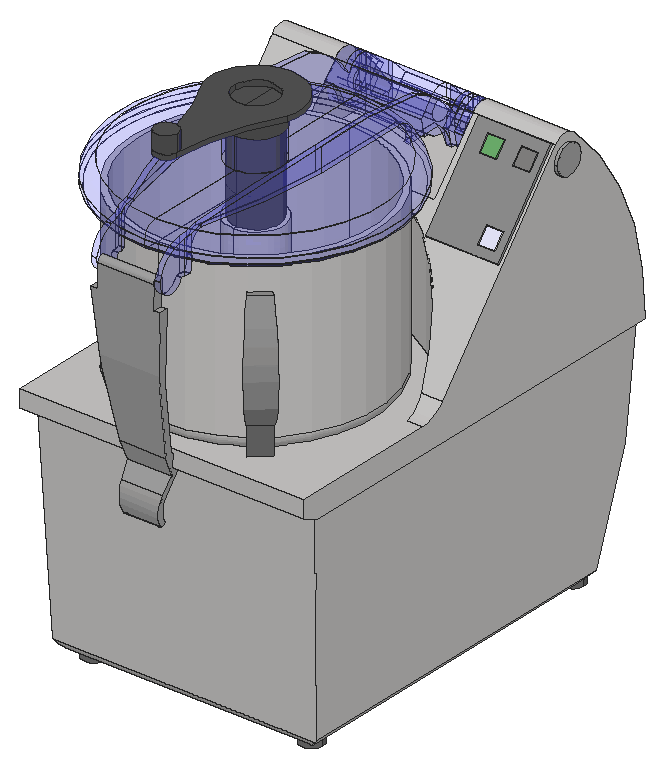
Revit family "QF_ELECTROLUXPROFESSIONAL_600500_K45Y1V", category Specialty Equipment, Revit 2018
Family settings
  Round Connector Dimension = Use Diameter
  Part Type = Normal
  Work Plane-Based = No
  Always vertical = Yes
  Cut with Voids When Loaded = No
  Shared = No
  Room Calculation Point = No
Parameters (values of type "Standard")
  Weight = 22.00 kg
  Watts = 0 W
  Volts = 220 V
  URL Manufacturer = "http://professional.electrolux.com"
  URL = "http://professional.electrolux.com"
  Steam Supply Size = 0 mm
  Steam Supply Minimum Pressure = 0.0 Pa
  Steam Supply Maximum Pressure = 0.0 Pa
  Steam Pounds per Hour = 0
  Refrigeration Suction Line Size = 0.0 mm
  Refrigeration Liquid Line Size = 0.0 mm
  Refrigerant Compressor Remote = yes
  Manufacturer = "Electrolux Professional"
  Phase = 1
  Model = "K45Y1V"
  Length Actual = 256.0 mm  # constant formula
  Item Number = "600500"
  Hot Water Size = 0 mm
  Height Actual = 482.0 mm  # constant formula
  HP = "1 HP"
  Gas Size = 0 mm
  Gas KW = 0
  Gas Input Pressure = 0 W
  Direct Waste Size = 0 mm
  Description = "CUTTER-MIXER 4.5L-MICROTOOTHED BLADE-1 SPEED-750W-230-240/1/50"
  Depth Actual = 415.0 mm  # constant formula
  Cycle = 50 Hz
  Condensate Return Size = 0 mm
  Compressed Air Volume = 0.0 L/s
  Compressed Air Size = 0 mm
  Compressed Air Pressure = 0.0 Pa
  Cold Water Size = 0 mm
  Accessory = yes
Reference planes
  plane 1 "Center (Front/Back)": y = 0
  plane 2: z = 0
  plane 3 "Center (Left/Right)": x = 0
  plane 4 "BASE": z = 6
  plane 5 "TOP": z = 685
  plane 6 "FRONT": y = -207.5
  plane 7 "BACK": y = 207.5
  plane 8 "LEFT": x = -128
  plane 9 "RIGHT": x = 128
  plane 10 "CenterX": x = -10
  plane 11 "Maniglia": through (-10, -59.177, 4000) normal (0.766, 0.6428, 0)
  plane 12 "Panel": through (4267.2, 107.252, 388.448) normal (0, 0.766, -0.6428)
  plane 13: z = 470
Forms (mm)
  Extrusion 1, solid, material "QF_Finishes_Stainless Steel"
    sketch origin (0, 0, 0) x (0, 1, 0) y (0, 0, 1)
      loop
        arc (155.897, 6) -> (160.37, 10.596) -> (163.359, 16.27) r 22.417
        arc (163.359, 16.27) -> (192.273, 107.896) -> (201.98, 203.483) r 470.678
        line (201.98, 203.483) -> (-161.42, 203.483)
        arc (-161.42, 203.483) -> (-159.547, 108.877) -> (-151.391, 14.604) r 1423.016
        arc (-151.391, 14.604) -> (-146.603, 8.365) -> (-139.103, 6) r 13.076
        line (-139.103, 6) -> (155.897, 6)
    from -128 to 128
  Extrusion 2, void
    sketch origin (0, -207.5, 0) x (-1, 0, 0) y (0, 0, 1)
      loop
        line (128, 203.483) -> (125, 203.483) -> (119.389, 16.27) -> (109.119, 6) -> (128, 6) -> (128, 203.483)
      loop
        line (-128, 203.483) -> (-128, 6) -> (-109.119, 6) -> (-119.389, 16.27) -> (-125, 203.483) -> (-128, 203.483)
    from 14.374 to 435.947
  Extrusion 3, solid, material "QF_Finishes_Stainless Steel"
    sketch origin (0, 0, 0) x (0, 1, 0) y (0, 0, 1)
      loop
        arc (207.5, 203.483) -> (187.745, 305.45) -> (127.203, 389.844) r 242.898
        arc (127.203, 389.844) -> (116.931, 393.38) -> (107.252, 388.448) r 13.902
        line (107.252, 388.448) -> (-20.106, 236.67)
        arc (-20.106, 236.67) -> (-30.264, 228.875) -> (-42.764, 226.104) r 29.578
        line (-42.764, 226.104) -> (-177.764, 226.104) -> (-177.764, 211.104) -> (-161.42, 203.483) -> (207.5, 203.483)
    from -128 to 128
  Extrusion 4, void
    sketch origin (0, -207.5, 0) x (-1, 0, 0) y (0, 0, 1)
      loop
        line (-53.607, 393.414) -> (-53.607, 336.684) -> (71.073, 336.684) -> (71.073, 393.414) -> (-53.607, 393.414)
    from 255.469 to 415
  Revolve 5, solid, material "QF_Plastic-Black"
    sketch origin (-10, 0, 0) x (0, -1, 0) y (0, 0, 1)
      loop
        line (59.177, 450.527) -> (28.516, 450.527) -> (35.424, 443.619) -> (35.424, 430.527) -> (38.194, 430.527) -> (38.194, 356.104) -> (59.177, 356.104) -> (59.177, 450.527)
      axis (59.177, 356.104) -> (59.177, 450.527)
    angle from 0 to 360
  Extrusion 6, solid, material "QF_Plastic-Black"
    sketch origin (0, 0, 0) x (1, 0, 0) y (0, 1, 0)
      loop
        arc (-48.167, -71.147) -> (-28.951, -114.517) -> (-19.956, -161.093) r 210.055
        arc (-19.956, -161.093) -> (-10, -170.155) -> (-0.044, -161.093) r 10
        arc (-0.044, -161.093) -> (8.951, -114.517) -> (28.167, -71.147) r 210.055
        arc (28.167, -71.147) -> (-10, -19.177) -> (-48.167, -71.147) r 40
    from 450.5 to 455
  Extrusion 7, solid, material "QF_Plastic-Black"
    sketch origin (0, 0, 0) x (1, 0, 0) y (0, 1, 0)
      loop
        circle (-10, -160.155) r 10
    from 455 to 470
  Extrusion 8, void
    sketch origin (0, 0, 0) x (1, 0, 0) y (0, 1, 0)
      loop
        circle (-10, -59.177) r 19
    from 427.6 to 472.8
  Extrusion 9, void
    sketch origin (0, 0, 0) x (1, 0, 0) y (0, 1, 0)
      loop
        arc (115, -59.177) -> (-10, 65.823) -> (-135, -59.177) r 125
        line (-135, -59.177) -> (115, -59.177)
    from 226.104 to 336.684
  Extrusion 10, void
    sketch origin (-20, 0, 0) x (-1, 0, 0) y (0, -1, 0)
      loop
        line (16.15, 177.864) -> (16.15, -123.86) -> (35.771, -123.86) -> (35.771, 48.192)
        arc (35.771, 48.192) -> (30.047, 105.502) -> (17.781, 161.776) r 500.876
        line (17.781, 161.776) -> (17.781, 171.776) -> (16.15, 177.864)
      loop
        line (40.771, -123.86) -> (45.852, -123.86) -> (45.852, 210.681) -> (21.15, 210.681) -> (21.15, 178.522) -> (22.781, 172.434) -> (22.781, 162.459)
        arc (22.781, 162.459) -> (35.047, 105.893) -> (40.771, 48.297) r 505.876
        line (40.771, 48.297) -> (40.771, -123.86)
    from 350.345 to 477.521
  Extrusion 11, solid, material "Glass"
    sketch origin (-20, 0, 0) x (0, 1, 0) y (0, 0, -1)
      loop
        line (-173.064, -369.647) -> (-181.303, -369.647)
        arc (-181.303, -369.647) -> (-196.341, -361.818) -> (-205.451, -376.117) r 12.548
        arc (-205.451, -376.117) -> (-199.87, -388.651) -> (-189.058, -397.099) r 28.357
        arc (-189.058, -397.099) -> (-65.868, -423.241) -> (59.99, -418.888) r 518.061
        arc (59.99, -418.888) -> (85.116, -404.522) -> (104.437, -382.973) r 90.696
        arc (104.437, -382.973) -> (113.885, -392.821) -> (127.203, -389.844) r 13.902
        arc (127.203, -389.844) -> (135.322, -382.188) -> (143.082, -374.167) r 242.898
        line (143.082, -374.167) -> (137.378, -368.464)
        arc (137.378, -368.464) -> (123.613, -353.84) -> (104.088, -358.543) r 20
        line (104.088, -358.543) -> (99.34, -358.543)
        arc (99.34, -358.543) -> (94.194, -371.609) -> (85.823, -382.884) r 53.446
        line (85.823, -382.884) -> (50.823, -382.884)
        arc (50.823, -382.884) -> (52.796, -383.701) -> (53.614, -385.674) r 2.79
        line (53.614, -385.674) -> (53.614, -390.892)
        arc (53.614, -390.892) -> (50.154, -399.244) -> (41.802, -402.703) r 11.812
        line (41.802, -402.703) -> (-160.307, -402.703)
        arc (-160.307, -402.703) -> (-168.659, -399.244) -> (-172.119, -390.892) r 11.812
        line (-172.119, -390.892) -> (-172.119, -385.826)
        arc (-172.119, -385.826) -> (-171.728, -384.361) -> (-170.659, -383.285) r 2.942
        line (-170.659, -383.285) -> (-173.064, -369.647)
      loop
        circle (117.901, -373.007) r 9.416
    from 16.15 to 45.852
  Extrusion 12, solid, material "Glass"
    sketch origin (0, 0, 0) x (0, 1, 0) y (0, 0, 1)
      loop
        line (137.378, 368.464) -> (143.082, 374.167)
        arc (143.082, 374.167) -> (135.322, 382.188) -> (127.203, 389.844) r 242.898
        arc (127.203, 389.844) -> (116.931, 393.38) -> (107.252, 388.448) r 13.902
        line (107.252, 388.448) -> (95.766, 374.76)
        arc (95.766, 374.76) -> (97.862, 366.72) -> (99.34, 358.543) r 108.872
        line (99.34, 358.543) -> (104.088, 358.543)
        arc (104.088, 358.543) -> (123.613, 353.84) -> (137.378, 368.464) r 20
      loop
        circle (117.901, 373.007) r 9.416
    from -71.073 to 53.607
  Extrusion 13, solid, material "QF_Finishes_Gray"
    sketch origin (0, 0, 0) x (0, 1, 0) y (0, 0, 1)
      loop
        arc (-182.273, 168.111) -> (-185.377, 178.111) -> (-182.273, 188.111) r 17.658
        line (-182.273, 188.111) -> (-169.592, 207.294) -> (-177.764, 211.104) -> (-177.764, 222.201) -> (-180.378, 224.815)
        arc (-180.378, 224.815) -> (-194.973, 298.318) -> (-196.805, 373.235) r 437.299
        arc (-196.805, 373.235) -> (-201.296, 377.726) -> (-205.788, 373.235) r 4.491
        arc (-205.788, 373.235) -> (-201.07, 296.739) -> (-185.461, 221.705) r 534.528
        line (-185.461, 221.705) -> (-177.764, 203.503) -> (-186.394, 190.943)
        arc (-186.394, 190.943) -> (-190.377, 178.111) -> (-186.394, 165.28) r 22.658
        arc (-186.394, 165.28) -> (-182.917, 164.635) -> (-182.273, 168.111) r 2.5
    from -49.646 to 27.326
  Extrusion 14, void
    sketch origin (0, -207.5, 0) x (-1, 0, 0) y (0, 0, 1)
      loop
        line (-15.15, 396.938) -> (-47.326, 396.938) -> (-47.326, 161.938) -> (-5.366, 161.938) -> (-20.516, 351.652) -> (-15.15, 351.652) -> (-15.15, 396.938)
      loop
        line (26.963, 161.938) -> (77.918, 161.938) -> (77.918, 396.938) -> (35.15, 396.938) -> (35.15, 351.652) -> (42.113, 351.652) -> (26.963, 161.938)
    from 46.08 to -69.339
  Extrusion 15, solid, material "Glass"
    sketch origin (0, 0, 0) x (0, 1, 0) y (0, 0, 1)
      loop
        line (-173.064, 369.647) -> (-170.659, 383.285)
        arc (-170.659, 383.285) -> (-171.728, 384.361) -> (-172.119, 385.826) r 2.942
        line (-172.119, 385.826) -> (-172.119, 390.892)
        arc (-172.119, 390.892) -> (-168.659, 399.244) -> (-160.307, 402.703) r 11.812
        line (-160.307, 402.703) -> (41.802, 402.703)
        arc (41.802, 402.703) -> (50.154, 399.244) -> (53.614, 390.892) r 11.812
        line (53.614, 390.892) -> (53.614, 385.674)
        arc (53.614, 385.674) -> (52.796, 383.701) -> (50.823, 382.884) r 2.79
        line (50.823, 382.884) -> (85.823, 382.884)
        arc (85.823, 382.884) -> (94.194, 371.609) -> (99.34, 358.543) r 53.446
        line (99.34, 358.543) -> (104.088, 358.543)
        arc (104.088, 358.543) -> (123.613, 353.84) -> (137.378, 368.464) r 20
        line (137.378, 368.464) -> (143.082, 374.167)
        arc (143.082, 374.167) -> (135.322, 382.188) -> (127.203, 389.844) r 242.898
        arc (127.203, 389.844) -> (113.885, 392.821) -> (104.437, 382.973) r 13.902
        arc (104.437, 382.973) -> (85.116, 404.522) -> (59.99, 418.888) r 90.696
        arc (59.99, 418.888) -> (-65.868, 423.241) -> (-189.058, 397.099) r 518.061
        arc (-189.058, 397.099) -> (-199.87, 388.651) -> (-205.451, 376.117) r 28.357
        arc (-205.451, 376.117) -> (-196.341, 361.818) -> (-181.303, 369.647) r 12.548
        line (-181.303, 369.647) -> (-173.064, 369.647)
      loop
        circle (117.901, 373.007) r 9.416
    from 16.15 to 45.852
  Extrusion 16, void
    sketch origin (0, 0, 0) x (1, 0, 0) y (0, 1, 0)
      loop
        line (16.15, -177.864) -> (17.781, -171.776) -> (17.781, -161.776)
        arc (17.781, -161.776) -> (30.047, -105.502) -> (35.771, -48.192) r 500.876
        line (35.771, -48.192) -> (35.771, 123.86) -> (16.15, 123.86) -> (16.15, -177.864)
      loop
        line (40.771, 123.86) -> (40.771, -48.297)
        arc (40.771, -48.297) -> (35.047, -105.893) -> (22.781, -162.459) r 505.876
        line (22.781, -162.459) -> (22.781, -172.434) -> (21.15, -178.522) -> (21.15, -210.681) -> (45.852, -210.681) -> (45.852, 123.86) -> (40.771, 123.86)
    from 350.345 to 477.521
  Revolve 17, solid, material "Glass"
    sketch origin (-10, 0, -40) x (0, -1, 0) y (0, 0, 1)
      loop
        line (38.194, 422.884) -> (38.194, 470.527) -> (35.424, 470.527) -> (35.424, 442.703) -> (-53.802, 442.703)
        arc (-53.802, 442.703) -> (-62.213, 439.268) -> (-65.732, 430.892) r 11.871
        line (-65.732, 430.892) -> (-65.732, 425.793)
        arc (-65.732, 425.793) -> (-64.88, 423.736) -> (-62.823, 422.884) r 2.909
        line (-62.823, 422.884) -> (38.194, 422.884)
      axis (59.177, 422.884) -> (59.177, 470.527)
    angle from 0 to 360
  Revolve 18, solid, material "QF_Metal-Stainless-Polished"
    sketch origin (-10, 0, 0) x (0, -1, 0) y (0, 0, 1)
      loop
        line (169.177, 382.884) -> (164.177, 382.884) -> (164.177, 237.884)
        arc (164.177, 237.884) -> (162.191, 233.09) -> (157.397, 231.104) r 6.78
        line (157.397, 231.104) -> (84.177, 231.104) -> (84.177, 356.104) -> (79.177, 356.104) -> (79.177, 226.104) -> (157.397, 226.104)
        arc (157.397, 226.104) -> (165.726, 229.554) -> (169.177, 237.884) r 11.78
        line (169.177, 237.884) -> (169.177, 382.884)
      axis (59.177, 382.884) -> (59.177, 226.104)
    angle from 0 to 360
  Extrusion 19, solid, material "QF_Plastic-Gray-Matte"
    sketch origin (-49.423, -13.925, 0) x (0.634002, 0.773331, 0) y (-0.773331, 0.634002, 0)
      loop
        line (-55.497, -222.333) -> (-26.468, -227.794) -> (-20.635, -161.119)
        arc (-20.635, -161.119) -> (-28.727, -159.898) -> (-36.729, -158.185) r 133.529
        line (-36.729, -158.185) -> (-55.497, -222.333)
    from 226.104 to 356.104
  Revolve 20, void
    sketch origin (-35.007, -29.374, 0) x (-0.642788, 0.766044, 0) y (0, 0, 1)
      loop
        arc (-155.215, 337.579) -> (-171.344, 302.579) -> (-155.215, 267.579) r 46.04
        line (-155.215, 267.579) -> (-147.754, 267.579) -> (-147.754, 337.579) -> (-155.215, 337.579)
      loop
        line (-155.215, 356.104) -> (-147.754, 356.104) -> (-147.754, 361.761) -> (-215.215, 361.761) -> (-215.215, 226.104) -> (-147.754, 226.104) -> (-147.754, 256.485) -> (-163.93, 256.485)
        arc (-163.93, 256.485) -> (-184.453, 308.471) -> (-155.215, 356.104) r 62.537
      axis (10, 361.761) -> (10, 226.104)
    angle from -8.217 to 8.652
  Extrusion 21, solid, material "QF_Finishes_Rubber Black"
    sketch origin (0, 0, 0) x (1, 0, 0) y (0, 1, 0)
      loop
        arc (57.446, -154.071) -> (64.931, -148.135) -> (72.061, -141.775) r 165.215
        line (72.061, -141.775) -> (66.401, -136.116)
        arc (66.401, -136.116) -> (59.824, -141.977) -> (52.928, -147.46) r 157.215
        line (52.928, -147.46) -> (57.446, -154.071)
    from 226.104 to 256.485
  Extrusion 22, solid, material "QF_Plastic-Gray-Matte"
    sketch origin (0, -128.336, 107.686) x (0, 0.642788, 0.766044) y (1, 0, 0)
      loop
        line (366.07, 59.066) -> (366.07, 124.8) -> (272.743, 124.8) -> (272.743, 59.066) -> (366.07, 59.066)
      loop
        line (356.63, 102.599) -> (356.63, 117.599) -> (341.63, 117.599) -> (341.63, 102.599) -> (356.63, 102.599)
      loop
        line (295.63, 102.599) -> (295.63, 117.599) -> (280.63, 117.599) -> (280.63, 102.599) -> (295.63, 102.599)
      loop
        line (356.63, 72.599) -> (356.63, 87.599) -> (341.63, 87.599) -> (341.63, 72.599) -> (356.63, 72.599)
    from -1 to 0.6
  Extrusion 23, solid, material "QF_Finishes_Red"
    sketch origin (0, -128.336, 107.686) x (0, 0.642788, 0.766044) y (1, 0, 0)
      loop
        line (356.63, 102.599) -> (356.63, 117.599) -> (341.63, 117.599) -> (341.63, 102.599) -> (356.63, 102.599)
    from -1 to 0.6
  Extrusion 24, solid, material "QF_Finishes_Green"
    sketch origin (-27.396, -127.834, 108.284) x (0, 0.642788, 0.766044) y (1, 0, 0)
      loop
        line (355.85, 99.994) -> (355.85, 114.994) -> (340.786, 114.994) -> (340.786, 99.994) -> (355.85, 99.994)
    from -1 to 0.6
  Extrusion 25, solid, material "QF_Plastic-White-Matte"
    sketch origin (0, -167.546, 60.958) x (0, 0.642788, 0.766044) y (1, 0, 0)
      loop
        line (356.63, 102.599) -> (356.63, 117.599) -> (341.63, 117.599) -> (341.63, 102.599) -> (356.63, 102.599)
    from -1 to 0.6
  Extrusion 26, solid, material "QF_Finishes_Stainless Steel"
    sketch origin (0, 207.5, 0) x (-1, 0, 0) y (0, 0, 1)
      loop
        circle (0, 202) r 10.353
    from -6.2 to 3
  Revolve 27, solid, material "QF_Door-Drawer Clearances", detail levels coarse
    sketch origin (-10, -221.856, 479.549) x (0, 0, 1) y (0, 1, 0)
      loop
        line (59.177, 490.527) -> (28.516, 490.527) -> (35.424, 483.619) -> (35.424, 470.527) -> (38.194, 470.527) -> (38.194, 442.703) -> (59.177, 442.703) -> (59.177, 490.527)
      axis (59.177, 442.703) -> (59.177, 490.527)
    angle from 0 to 360
  Extrusion 28, solid, material "QF_Door-Drawer Clearances", detail levels coarse
    sketch origin (0, -221.856, 479.549) x (1, 0, 0) y (0, 0, -1)
      loop
        arc (-48.167, -71.147) -> (-28.951, -114.517) -> (-19.956, -161.093) r 210.055
        arc (-19.956, -161.093) -> (-10, -170.155) -> (-0.044, -161.093) r 10
        arc (-0.044, -161.093) -> (8.951, -114.517) -> (28.167, -71.147) r 210.055
        arc (28.167, -71.147) -> (-10, -19.177) -> (-48.167, -71.147) r 40
    from 490.527 to 495.013
  Extrusion 29, solid, material "QF_Door-Drawer Clearances", detail levels coarse
    sketch origin (0, -221.856, 479.549) x (1, 0, 0) y (0, 0, -1)
      loop
        circle (-10, -160.155) r 10
    from 495.013 to 510.592
  Extrusion 30, void
    sketch origin (-20, -221.856, 479.359) x (-1, 0, 0) y (0, 0, 1)
      loop
        line (16.15, 177.864) -> (16.15, -123.86) -> (35.771, -123.86) -> (35.771, 48.192)
        arc (35.771, 48.192) -> (30.047, 105.502) -> (17.781, 161.776) r 500.876
        line (17.781, 161.776) -> (17.781, 171.776) -> (16.15, 177.864)
      loop
        line (40.771, -123.86) -> (45.852, -123.86) -> (45.852, 210.681) -> (21.15, 210.681) -> (21.15, 178.522) -> (22.781, 172.434) -> (22.781, 162.459)
        arc (22.781, 162.459) -> (35.047, 105.893) -> (40.771, 48.297) r 505.876
        line (40.771, 48.297) -> (40.771, -123.86)
    from 350.345 to 477.521
  Extrusion 31, solid, material "QF_Door-Drawer Clearances", detail levels coarse
    sketch origin (-20, -221.856, 479.359) x (0, 0, -1) y (0, -1, 0)
      loop
        line (-173.064, -409.647) -> (-181.303, -409.647)
        arc (-181.303, -409.647) -> (-196.341, -401.818) -> (-205.451, -416.117) r 12.548
        arc (-205.451, -416.117) -> (-199.87, -428.651) -> (-189.058, -437.099) r 28.357
        arc (-189.058, -437.099) -> (-65.868, -463.241) -> (59.99, -458.888) r 518.061
        arc (59.99, -458.888) -> (92.246, -438.11) -> (113.023, -405.855) r 90.696
        arc (113.023, -405.855) -> (114.903, -399.662) -> (115.972, -393.28) r 50.278
        arc (115.972, -393.28) -> (121.968, -392.806) -> (127.203, -389.844) r 13.902
        arc (127.203, -389.844) -> (129.309, -387.924) -> (131.393, -385.98) r 242.898
        arc (131.393, -385.98) -> (114.739, -373.307) -> (99.238, -359.247) r 242.898
        arc (99.238, -359.247) -> (87.934, -393.903) -> (65.823, -422.884) r 108.872
        line (65.823, -422.884) -> (50.823, -422.884)
        arc (50.823, -422.884) -> (52.796, -423.701) -> (53.614, -425.674) r 2.79
        line (53.614, -425.674) -> (53.614, -430.892)
        arc (53.614, -430.892) -> (50.154, -439.244) -> (41.802, -442.703) r 11.812
        line (41.802, -442.703) -> (-160.307, -442.703)
        arc (-160.307, -442.703) -> (-168.659, -439.244) -> (-172.119, -430.892) r 11.812
        line (-172.119, -430.892) -> (-172.119, -425.826)
        arc (-172.119, -425.826) -> (-171.728, -424.361) -> (-170.659, -423.285) r 2.942
        line (-170.659, -423.285) -> (-173.064, -409.647)
    from 16.15 to 45.852
  Extrusion 32, void
    sketch origin (0, -221.856, 479.359) x (1, 0, 0) y (0, 0, -1)
      loop
        line (16.15, -177.864) -> (17.781, -171.776) -> (17.781, -161.776)
        arc (17.781, -161.776) -> (30.047, -105.502) -> (35.771, -48.192) r 500.876
        line (35.771, -48.192) -> (35.771, 123.86) -> (16.15, 123.86) -> (16.15, -177.864)
      loop
        line (40.771, 123.86) -> (40.771, -48.297)
        arc (40.771, -48.297) -> (35.047, -105.893) -> (22.781, -162.459) r 505.876
        line (22.781, -162.459) -> (22.781, -172.434) -> (21.15, -178.522) -> (21.15, -210.681) -> (45.852, -210.681) -> (45.852, 123.86) -> (40.771, 123.86)
    from 350.345 to 477.521
  Extrusion 33, solid, material "QF_Door-Drawer Clearances", detail levels coarse
    sketch origin (0, -221.856, 479.359) x (0, 0, -1) y (0, 1, 0)
      loop
        line (-173.064, 409.647) -> (-170.659, 423.285)
        arc (-170.659, 423.285) -> (-171.728, 424.361) -> (-172.119, 425.826) r 2.942
        line (-172.119, 425.826) -> (-172.119, 430.892)
        arc (-172.119, 430.892) -> (-168.659, 439.244) -> (-160.307, 442.703) r 11.812
        line (-160.307, 442.703) -> (41.802, 442.703)
        arc (41.802, 442.703) -> (50.154, 439.244) -> (53.614, 430.892) r 11.812
        line (53.614, 430.892) -> (53.614, 425.674)
        arc (53.614, 425.674) -> (52.796, 423.701) -> (50.823, 422.884) r 2.79
        line (50.823, 422.884) -> (65.823, 422.884)
        arc (65.823, 422.884) -> (87.934, 393.903) -> (99.238, 359.247) r 108.872
        arc (99.238, 359.247) -> (114.739, 373.307) -> (131.393, 385.98) r 242.898
        arc (131.393, 385.98) -> (129.309, 387.924) -> (127.203, 389.844) r 242.898
        arc (127.203, 389.844) -> (121.968, 392.806) -> (115.972, 393.28) r 13.902
        arc (115.972, 393.28) -> (114.903, 399.662) -> (113.023, 405.855) r 50.278
        arc (113.023, 405.855) -> (92.246, 438.11) -> (59.99, 458.888) r 90.696
        arc (59.99, 458.888) -> (-65.868, 463.241) -> (-189.058, 437.099) r 518.061
        arc (-189.058, 437.099) -> (-199.87, 428.651) -> (-205.451, 416.117) r 28.357
        arc (-205.451, 416.117) -> (-196.341, 401.818) -> (-181.303, 409.647) r 12.548
        line (-181.303, 409.647) -> (-173.064, 409.647)
    from 16.15 to 45.852
  Revolve 34, solid, material "QF_Door-Drawer Clearances", detail levels coarse
    sketch origin (-10, -221.856, 479.549) x (0, 0, 1) y (0, 1, 0)
      loop
        line (38.194, 422.884) -> (38.194, 470.527) -> (35.424, 470.527) -> (35.424, 442.703) -> (-53.802, 442.703)
        arc (-53.802, 442.703) -> (-62.213, 439.268) -> (-65.732, 430.892) r 11.871
        line (-65.732, 430.892) -> (-65.732, 425.793)
        arc (-65.732, 425.793) -> (-64.88, 423.736) -> (-62.823, 422.884) r 2.909
        line (-62.823, 422.884) -> (38.194, 422.884)
      axis (59.177, 422.884) -> (59.177, 470.527)
    angle from 0 to 360
  Extrusion 35, solid, material "QF_Finishes_Rubber Black"
    sketch origin (0, 0, 0) x (1, 0, 0) y (0, 1, 0)
      loop
        circle (-98.592, 163.359) r 10
      loop
        circle (-98.592, -131.641) r 10
      loop
        circle (98.592, 163.359) r 10
      loop
        circle (98.592, -131.641) r 10
    from 0 to 6
  Extrusion 36, solid, material "QF_Finishes_Gray"
    sketch origin (0, 0, 0) x (0, 1, 0) y (0, 0, 1)
      loop
        circle (117.901, 373.007) r 13.005
    from 131.516 to 128
  Extrusion 37, solid, material "QF_Finishes_Gray"
    sketch origin (0, 0, 0) x (0, 1, 0) y (0, 0, -1)
      loop
        circle (117.901, -373.007) r 13.005
    from 131.516 to 128
Cuts and joins
  Extrusion 2, Extrusion 8, Extrusion 9 cuts Extrusion 1
  Extrusion 4, Extrusion 9 cuts Extrusion 3
  Extrusion 8 cuts Extrusion 6
  Extrusion 10, Extrusion 16, Extrusion 30, Extrusion 32 cuts Extrusion 11
  Extrusion 14, Extrusion 16, Extrusion 30 cuts Extrusion 13
  Extrusion 16, Extrusion 30, Extrusion 32 cuts Extrusion 12
  Extrusion 16 cuts Extrusion 15
  Revolve 20 cuts Extrusion 19
  Extrusion 30 cuts Revolve 17
  Extrusion 30 cuts Revolve 18
  Extrusion 30, Extrusion 32 cuts Extrusion 31
  Extrusion 32 cuts Extrusion 33
Lines and regions (mm)
  symbolic lines
    curve 1: arc (-10, -172.155, 0) -> (3.999, -171.284, 0) -> (17.781, -168.686, 0) r 112.979
    curve 2: arc (-10, -184.085, 0) -> (-23.148, -183.391, 0) -> (-36.15, -181.317, 0) r 124.909
    curve 3: line (128, -157.764, 0) -> (128, 187.57, 0)
    curve 4: line (124.8, 106.204, 0) -> (59.066, 106.204, 0)
    curve 5: line (102.599, 90.494, 0) -> (117.599, 90.494, 0)
    curve 6: line (117.599, 62.151, 0) -> (102.599, 62.151, 0)
    curve 7: line (102.599, 51.284, 0) -> (117.599, 51.284, 0)
    curve 8: line (102.599, 62.151, 0) -> (102.599, 51.284, 0)
    curve 9: line (117.599, 51.284, 0) -> (117.599, 62.151, 0)
    curve 10: line (117.599, 90.494, 0) -> (117.599, 101.361, 0)
    curve 11: line (102.599, 101.361, 0) -> (102.599, 90.494, 0)
    curve 12: arc (-0.044, -161.093, 0) -> (8.951, -114.517, 0) -> (28.167, -71.147, 0) r 210.055
    curve 13: arc (28.167, -71.147, 0) -> (-10, -19.177, 0) -> (-48.167, -71.147, 0) r 40
    curve 14: arc (-48.167, -71.147, 0) -> (-28.951, -114.517, 0) -> (-19.956, -161.093, 0) r 210.055
    curve 15: arc (-19.956, -161.093, 0) -> (-10, -170.155, 0) -> (-0.044, -161.093, 0) r 10
    curve 16: arc (0, -160.155, 0) -> (-10, -150.155, 0) -> (-20, -160.155, 0) r 10
    curve 17: arc (-55.771, -48.192, 0) -> (-50.047, -105.502, 0) -> (-37.781, -161.776, 0) r 500.876
    curve 18: arc (-42.781, -162.459, 0) -> (-55.047, -105.893, 0) -> (-60.771, -48.297, 0) r 505.876
    curve 19: line (-55.771, 123.86, 0) -> (-55.771, -48.192, 0)
    curve 20: line (-60.771, -48.297, 0) -> (-60.771, 123.86, 0)
    curve 21: line (40.771, 123.86, 0) -> (40.771, -48.297, 0)
    curve 22: line (35.771, -48.192, 0) -> (35.771, 123.86, 0)
    curve 23: arc (40.771, -48.297, 0) -> (35.047, -105.893, 0) -> (22.781, -162.459, 0) r 505.876
    curve 24: arc (17.781, -161.776, 0) -> (30.047, -105.502, 0) -> (35.771, -48.192, 0) r 500.876
    curve 25: line (22.781, -162.459, 0) -> (22.781, -172.434, 0)
    curve 26: line (17.781, -171.776, 0) -> (17.781, -161.776, 0)
    curve 27: line (16.15, -177.864, 0) -> (17.781, -171.776, 0)
    curve 28: line (22.781, -172.434, 0) -> (21.15, -178.522, 0)
    curve 29: line (21.15, -178.522, 0) -> (21.15, -205.641, 0)
    curve 30: line (-37.781, -161.776, 0) -> (-37.781, -171.776, 0)
    curve 31: line (-42.781, -172.434, 0) -> (-42.781, -162.459, 0)
    curve 32: line (-41.15, -178.522, 0) -> (-42.781, -172.434, 0)
    curve 33: line (-37.781, -171.776, 0) -> (-36.15, -177.864, 0)
    curve 34: line (-41.15, -205.641, 0) -> (-41.15, -178.522, 0)
    curve 35: spline (22.008, -197.61, 0) -> (21.937, -197.617, 0) -> (21.865, -197.622, 0) -> (21.794, -197.626, 0) -> (21.722, -197.627, 0) -> (21.651, -197.627, 0) -> (21.579, -197.625, 0) -> (21.508, -197.621, 0) -> (21.436, -197.615, 0) -> (21.365, -197.608, 0) -> (21.293, -197.598, 0) -> (21.222, -197.587, 0) -> (21.15, -197.574, 0)
    curve 36: line (-71.073, 171.51, 0) -> (53.607, 171.51, 0)
    curve 37: line (59.066, 46.214, 0) -> (124.8, 46.214, 0)
    curve 38: line (59.066, 106.204, 0) -> (59.066, 46.214, 0)
    curve 39: line (124.8, 46.214, 0) -> (124.8, 107.429, 0)
    curve 40: line (53.607, 48.324, 0) -> (53.607, 171.51, 0)
    curve 41: line (-71.073, 171.51, 0) -> (-71.073, 49.783, 0)
    curve 42: arc (40.771, 54.948, 0) -> (114.476, -69.566, 0) -> (21.15, -180.138, 0) r 124.909
    curve 43: arc (-60.771, 41.751, 0) -> (-122.562, -68.863, 0) -> (-42.781, -167.295, 0) r 112.979
    curve 44: line (93.154, -162.392, 0) -> (78.293, -147.531, 0)
    curve 45: line (93.154, -162.392, 0) -> (74.048, -178.424, 0)
    curve 46: line (74.048, -178.424, 0) -> (61.96, -161.274, 0)
    curve 47: arc (-37.781, -168.686, 0) -> (-23.999, -171.284, 0) -> (-10, -172.155, 0) r 112.979
    curve 48: arc (-41.15, -180.138, 0) -> (-94.625, -151.05, 0) -> (-128, -100.142, 0) r 124.909
    curve 49: arc (22.781, -167.295, 0) -> (102.562, -68.863, 0) -> (40.771, 41.751, 0) r 112.979
    curve 50: arc (16.15, -181.317, 0) -> (3.148, -183.391, 0) -> (-10, -184.085, 0) r 124.909
    curve 51: line (16.15, -205.242, 0) -> (16.15, -177.864, 0)
    curve 52: line (-36.15, -205.641, 0) -> (-36.15, -177.864, 0)
    curve 53: line (-41.15, -205.641, 0) -> (21.15, -205.641, 0)
    curve 54: line (22.008, -205.53, 0) -> (22.008, -197.61, 0)
    curve 55: line (22.008, -205.53, 0) -> (21.15, -205.53, 0)
    curve 56: spline (-42.008, -197.61, 0) -> (-41.937, -197.617, 0) -> (-41.865, -197.622, 0) -> (-41.794, -197.626, 0) -> (-41.722, -197.627, 0) -> (-41.651, -197.627, 0) -> (-41.579, -197.625, 0) -> (-41.508, -197.621, 0) -> (-41.436, -197.615, 0) -> (-41.365, -197.608, 0) -> (-41.293, -197.598, 0) -> (-41.222, -197.587, 0) -> (-41.15, -197.574, 0)
    curve 57: line (-42.008, -205.53, 0) -> (-42.008, -197.61, 0)
    curve 58: line (-42.008, -205.53, 0) -> (-41.15, -205.53, 0)
    curve 59: arc (-128, -18.211, 0) -> (-101.973, 25.34, 0) -> (-60.771, 54.948, 0) r 124.909
    curve 60: arc (-128, -100.142, 0) -> (-134.909, -59.177, 0) -> (-128, -18.211, 0) r 124.909
    curve 61: line (-108, -177.764, 0) -> (-49.233, -177.764, 0)
    curve 62: line (-128, 187.57, 0) -> (-128, -17.764, 0)
    curve 63: line (29.233, -177.764, 0) -> (108, -177.764, 0)
    curve 64: line (-128, -97.764, 0) -> (-128, -157.764, 0)
    curve 65: line (-108, 207.57, 0) -> (108, 207.57, 0)
    curve 66: arc (-128, -157.764, 0) -> (-122.142, -171.906, 0) -> (-108, -177.764, 0) r 20
    curve 67: arc (108, -177.764, 0) -> (122.142, -171.906, 0) -> (128, -157.764, 0) r 20
    curve 68: arc (128, 187.57, 0) -> (122.142, 201.713, 0) -> (108, 207.57, 0) r 20
    curve 69: arc (-108, 207.57, 0) -> (-122.142, 201.713, 0) -> (-128, 187.57, 0) r 20
    curve 70: line (45.852, 123.86, 0) -> (-71.073, 123.86, 0)
    curve 71: line (45.852, 137.378, 0) -> (-65.852, 137.378, 0)
    curve 72: line (45.852, 143.082, 0) -> (-65.852, 143.082, 0)
    curve 73: line (53.607, 123.86, 0) -> (45.852, 123.86, 0)
    curve 74: line (45.852, 123.86, 0) -> (45.852, 170.216, 0)
    curve 75: line (45.852, 170.216, 0) -> (-65.852, 170.216, 0)
    curve 76: line (-65.852, 170.216, 0) -> (-65.852, 123.86, 0)
    curve 77: line (102.599, 101.361, 0) -> (117.599, 101.361, 0)
    curve 78: line (72.599, 90.494, 0) -> (87.599, 90.494, 0)
    curve 79: line (87.599, 90.494, 0) -> (87.599, 101.361, 0)
    curve 80: line (72.599, 101.361, 0) -> (72.599, 90.494, 0)
    curve 81: line (72.599, 101.361, 0) -> (87.599, 101.361, 0)
Dimensions and locks
  plane 4 "BASE" to level = 6.0 mm
  plane 5 "TOP" to level = 685.0 mm  (x2)
  plane 8 "LEFT" to plane 3 "Center (Left/Right)" to plane 9 "RIGHT" = 128.0 mm, 128.0 mm
  plane 7 "BACK" to plane 1 "Center (Front/Back)" to plane 6 "FRONT" = 207.5 mm, 207.5 mm
  plane 7 "BACK" to plane 6 "FRONT" = 415.0 mm
  plane 8 "LEFT" to plane 9 "RIGHT" = 256.0 mm
  plane 10 "CenterX" to plane 3 "Center (Left/Right)" = 10.0 mm
  plane 13 to level = 470.0 mm
  aligned and locked: level to plane 2
  aligned and locked: Extrusion 22 sketch curve to Extrusion 23
Connectors
  electrical at (0, 210.5, 202)
    settings: on Extrusion 26, index 1, voltage 0 V, apparent load 0 VA, apparent load phase1 0 VA, apparent load phase2 0 VA, apparent load phase3 0 VA, power factor 1, load classification "Other", number of poles 1, system type 30, power factor state 1, is connector primary yes, connector utility no, sub classification motor no, connector description "Electrical connection"
